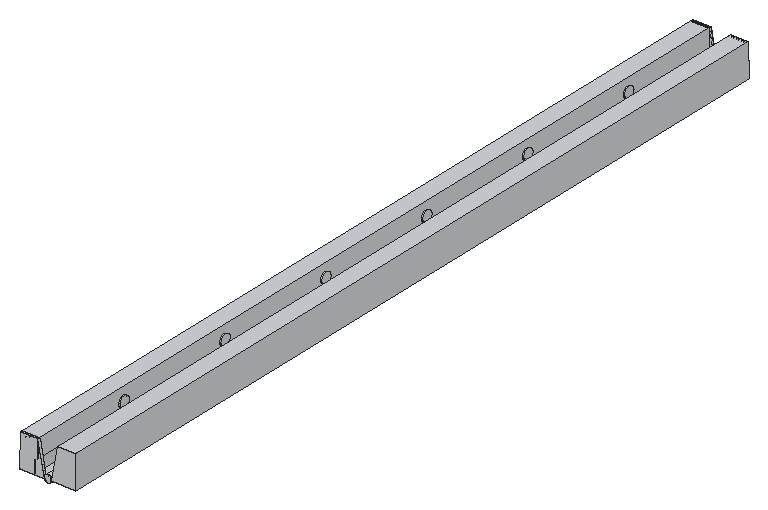
Revit family "MF_OUTSIDE HINGED CORNER 10'_1904639", category Generic Models, Revit 2018
Family settings
  Can host rebar = No
  Round Connector Dimension = Use Diameter
  Part Type = Normal
  OmniClass Number = 35.51.14.00
  OmniClass Title = FORMWORK
  Work Plane-Based = Yes
  Always vertical = No
  Cut with Voids When Loaded = No
  Shared = Yes
  Room Calculation Point = No
Parameters
  VERSION = "20170217"  # constant formula
  URL = "www.ulmaconstruction.com/en"
  UNICLASS = ""
  REAL ANGLE [instance] = if(ANGLE < 65.00°, 65.00°, if(ANGLE < 180.00°, ANGLE, 180.00°))  # 180.00°
  ITEM_CODE = "1904639"
  Manufacturer = "ULMA CONSTRUCTION"  # constant formula
  INSERTION PLANE [instance] = if(REAL ANGLE = 180.00°, 0", (0.15748") / cos(90.00° - REAL ANGLE) + 0.15748" * tan(90.00° - REAL ANGLE))  # 0"
  FILTER [instance] = ""
  Default Elevation = 0"
  CLASSIFICATION_TITLE = ""
  CLASSIFICATION_NUMBER = ""
  ANGLE [instance] = 180.00°
Reference planes (in)
  plane 1 "Centro (Frontal/Posterior)": y = 0
  plane 2: z = 0
  plane 3 "Centro (Izquierda/Derecha)": x = 0
  plane 4 "ITEM_HEIGHT": y = 120
  plane 5 "CENTER": z = 0.15748
  plane 6 "INSERTION PLANE": x = 0
Lines and regions (in)
  reference lines
    curve 1: line (0, 0, 0.15748) -> (8.2515, 0, 0.15748)
Dimensions and locks (in)
  locked: plane 1 "Centro (Frontal/Posterior)" to plane 4 "ITEM_HEIGHT" at 120
  locked: plane 5 "CENTER" to plane 2 at 0.15748
  "INSERTION PLANE": plane 3 "Centro (Izquierda/Derecha)" to plane 6 "INSERTION PLANE"
  "REAL ANGLE": angle plane 5 "CENTER" to curve 1
  aligned and locked: level to plane 2
  aligned and locked: plane 3 "Centro (Izquierda/Derecha)" to curve 1
  aligned and locked: plane 5 "CENTER" to curve 1
  aligned and locked: plane 4 "ITEM_HEIGHT" to nested 2
Nested families (in)
  nested 1: "MEDIA ESCUADRA EXT 10' - 1904946_PANELS" at (0, 0, 0), type "MEDIA ESCUADRA EXT 10' - 1904946_PANELS"
    with FILTER ""
  nested 2: "MEDIA ESCUADRA EXT 10' - 1904946_PANELS" at (0, 120, 0) x (-1, 0, 0) z (0, 0, 1), type "MEDIA ESCUADRA EXT 10' - 1904946_PANELS"
    with FILTER ""
Definition of nested family "MEDIA ESCUADRA EXT 10' - 1904946_PANELS"
  Parameters (values of type "MEDIA ESCUADRA EXT 10' - 1904946_PANELS")
    VERSION = "20190101"  # constant formula
    URL = "www.ulmaconstruction.com/en"
    UNICLASS = ""
    Manufacturer = "ULMA CONSTRUCTION"  # constant formula
    FILTER [instance] = ""
    Default Elevation = 0"
    CLASSIFICATION_TITLE = ""
    CLASSIFICATION_NUMBER = ""
  Reference planes (in)
    plane 1 "Centro (Frontal/Posterior)": y = 0
    plane 2: z = 0
    plane 3 "Centro (Izquierda/Derecha)": x = 0
  Forms (in)
    Extrusion 1, solid
      sketch origin (0, 0, 0) x (1, 0, 0) y (0, 0, 1)
        loop
          circle (0, 0.15748) r 0.49213
      from -120 to 0
    Extrusion 2, solid, detail levels fine
      sketch origin (0, 0, 0) x (1, 0, 0) y (0, 0, 1)
        loop
          line (-3.93701, 4.72441) -> (-3.93701, 0) -> (-0.49213, 0) -> (-1.37063, 4.72441) -> (-3.93701, 4.72441)
      from -0.31496 to 0
    Extrusion 3, solid
      sketch origin (0, 0, 0) x (1, 0, 0) y (0, 0, 1)
        loop
          line (-1.37795, 4.72441) -> (-3.93701, 4.72441) -> (-3.93701, 0) -> (-0.49213, 0) -> (-0.64961, 0.15748) -> (-1.87008, 0.15748) -> (-1.87008, 1.99583) -> (-1.37795, 2.20472) -> (-1.37795, 4.72441)
      from -120 to 0
    Extrusion 4, solid, detail levels fine
      sketch origin (0, 117.95276, 0) x (1, 0, 0) y (0, 0, 1)
        loop
          line (-3.93701, 4.72441) -> (-3.93701, 0) -> (-0.49213, 0) -> (-1.37063, 4.72441) -> (-3.93701, 4.72441)
      from -2.04724 to -1.73228
    Extrusion 5, solid, detail levels fine
      sketch origin (0, 0, 0) x (0, 1, 0) y (0, 0, 1)
        loop
          circle (15, 3.03937) r 0.74803
        loop
          circle (33, 3.03937) r 0.74803
        loop
          circle (51, 3.03937) r 0.74803
        loop
          circle (69, 3.03937) r 0.74803
        loop
          circle (87, 3.03937) r 0.74803
        loop
          circle (105, 3.03937) r 0.74803
      from -1.37795 to -1.06299
  Lines and regions (in)
    model lines, detail levels fine
      curve 1: circle (-1.06299, 15, 3.03937) r 0.43307 normal (1, 0, 0)
      curve 2: circle (-1.06299, 33, 3.03937) r 0.43307 normal (1, 0, 0)
      curve 3: circle (-1.06299, 51, 3.03937) r 0.43307 normal (1, 0, 0)
      curve 4: circle (-1.06299, 69, 3.03937) r 0.43307 normal (1, 0, 0)
      curve 5: circle (-1.06299, 87, 3.03937) r 0.43307 normal (1, 0, 0)
      curve 6: circle (-1.06299, 105, 3.03937) r 0.43307 normal (1, 0, 0)
      curve 7: circle (-3.93701, 15, 3.03937) r 0.43307 normal (1, 0, 0)
      curve 8: circle (-3.93701, 33, 3.03937) r 0.43307 normal (1, 0, 0)
      curve 9: circle (-3.93701, 51, 3.03937) r 0.43307 normal (1, 0, 0)
      curve 10: circle (-3.93701, 69, 3.03937) r 0.43307 normal (1, 0, 0)
      curve 11: circle (-3.93701, 87, 3.03937) r 0.43307 normal (1, 0, 0)
      curve 12: circle (-3.93701, 105, 3.03937) r 0.43307 normal (1, 0, 0)
  Dimensions and locks (in)
    aligned and locked: level to plane 2
